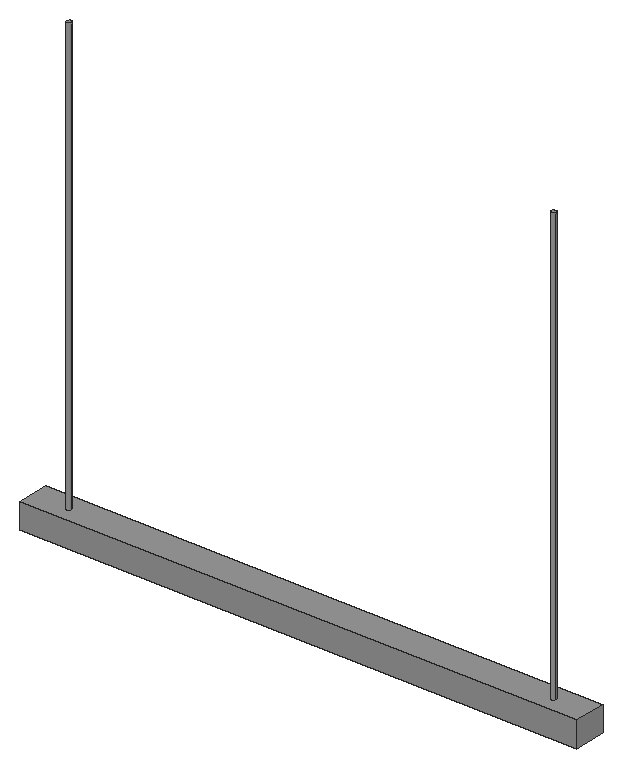
Revit family "IVLB_L4U_LF_Forsite 1150 PE", category Lighting Fixtures, Revit 2019
Family settings
  Round Connector Dimension = Use Diameter
  Part Type = Normal
  OmniClass Number = 23.80.70.11.14.11
  OmniClass Title = Downlights
  Work Plane-Based = No
  Always vertical = Yes
  Cut with Voids When Loaded = No
  Light Source = Yes
  Shared = No
  Room Calculation Point = Yes
Parameters (values of type "Forsite 1150 9750lm_840 68W 90deg")
  Wattage Comments = "68"
  Wattage = 3.36605 W
  built-in parameter 1150110 = 1 (stored number, unit not read)
  Voltage = 230 V
  URL = "www.light4u.com"
  Type Comments = "1150 PE"
  built-in parameter 1114217 = 1 (stored number, unit not read)
  Tilt Angle = 90.00°
  built-in parameter 1150109 = 1 (stored number, unit not read)
  built-in parameter 1150134 = 3
  Symbol_ToScale [instance] = not(Symbol_RealSize)  # no
  Symbol_RealSize [instance] = yes
  Switch Code [instance] = ""
  built-in parameter 1150113 = 1 (stored number, unit not read)
  Photometric Web File = "Forsite 1150 9750lm_840 68W 90deg.ies"
  Model = "Forsite"
  Manufacturer = "Light4U"
  built-in parameter 1150105 = 39.789 (stored number, unit not read)
  Luminous Flux (lm) = 9750 lm
  Lumens = 9750 lm
  built-in parameter 1150115 = 1 (stored number, unit not read)
  Luminaire Code [instance] = ""
  built-in parameter 1150137 = (empty or 0)
  built-in parameter 1150139 = (empty or 0)
  built-in parameter 1150112 = 1 (stored number, unit not read)
  built-in parameter 1150114 = 1 (stored number, unit not read)
  Lamp = "LED"
  LED Panel = yes
  Suspension Length [instance] = 900 mm
  L4 = 1000 mm
  L3 = 7 mm
  L2 = 66 mm
  L1 = 1150 mm
  built-in parameter 1150132 = 2
  built-in parameter 1150102 = (empty or 0)
  built-in parameter 1150107 = 3200 (stored number, unit not read)
  built-in parameter 1150138 = (empty or 0)
  built-in parameter 1150106 = 0.39789 (stored number, unit not read)
  IfcExportType = "USERDEFINED"
  IfcExportAs = "IfcLightFixtureType"
  ISBN Code = "-"
  IP Value = "IP20"
  IK Value = "-"
  Housing_Material = Select RGB Value for different appearance
  H1 = 52 mm
  GTIN Code = "-"
  Emit from Rectangle Width = L2 - (L3 * 2)  # 52 mm
  Emit from Rectangle Length = L1 - (L3 * 2)  # 1136 mm
  Emit Shape Visible in Rendering = no
  built-in parameter 1150104 = 13.8 (stored number, unit not read)
  ETIM Code = "-"
  Dimming Lamp Color Temperature Shift = <None>
  Description = ""
  Content Creator® = "www.ivlibrary.com"
  Color Filter = 16777215
  Calc_SuspensionLength [instance] = if(Suspension Length < Calc_MinSuspensionLength, Calc_MinSuspensionLength, if(Suspension Length > Calc_MaxSuspensionLength, Calc_MaxSuspensionLength, Suspension Length))  # 900 mm
  Calc_MinSuspensionLength [instance] = 100 mm
  Calc_MaxSuspensionLength [instance] = 10000 mm
  Calc_L2_Symbol = L2 / 100  # 0.66 mm
  Calc_L1_Symbol = L1 / 100  # 11.5 mm
  built-in parameter 1114218 = 1 (stored number, unit not read)
  built-in parameter 1150133 = 10 (stored number, unit not read)
  Assembly Code = "63.0"
  Apparent Load = 68 VA
Types (9, lengths in mm): name | Photometric Web File | Luminous Flux (lm) | Lumens
  Forsite 1150 9750lm_840 68W 90deg | "Forsite 1150 9750lm_840 68W 90deg.ies" | 9750 lm | 9750 lm
  Forsite 1150 9530lm_840 68W DA | "Forsite 1150 9530lm_840 68W DA.ies" | 9533 lm | 9533 lm
  Forsite 1150 9300lm_830 68W 90deg | "Forsite 1150 9300lm_830 68W 90deg.ies" | 9300 lm | 9300 lm
  Forsite 1150 9100lm_830 68W DA | "Forsite 1150 9100lm_830 68W DA.ies" | 9100 lm | 9100 lm
  Forsite 1150 8800lm_ 840 68W 60deg | "Forsite 1150 8800lm_ 840 68W 60deg.ies" | 8800 lm | 8800 lm
  Forsite 1150 8500lm_830 68W 30deg | "Forsite 1150 8500lm_830 68W 30deg.ies" | 8500 lm | 8500 lm
  Forsite 1150 8400lm_ 830 68W 60deg | "Forsite 1150 8400lm_ 830 68W 60deg.ies" | 8400 lm | 8400 lm
  Forsite 1150 8150lm_940 68W 90deg | "Forsite 1150 8150lm_940 68W 90deg.ies" | 8150 lm | 8150 lm
  Forsite 1150  8900lm_840 68W 30deg | "Forsite 1150  8900lm_840 68W 30deg.ies" | 8900 lm | 8900 lm
Reference planes
  plane 1 "Center (Front/Back)": y = 0
  plane 2: z = 0
  plane 3 "Center (Left/Right)": x = 0
  plane 4: x = -568
  plane 5: x = 568
  plane 6: y = 26
  plane 7: y = -26
  plane 8: x = -575
  plane 9: x = 575
  plane 10: y = -33
  plane 11: y = 33
  plane 12: z = -900
  plane 13: z = -952
Forms (mm)
  Extrusion 1, solid, material "Select RGB Value for different appearance" <- "Housing_Material"
    sketch origin (0, 0, 0) x (1, 0, 0) y (0, 1, 0)
      loop
        circle (-500, 0) r 5
      loop
        circle (500, 0) r 5
    from 0 to -900
Lines and regions (mm)
  symbolic lines, visible <- "Symbol_RealSize"
    curve 1: line (-575, -33, 0) -> (575, -33, 0)
    curve 2: line (-575, 33, 0) -> (-575, -33, 0)
    curve 3: line (575, 33, 0) -> (-575, 33, 0)
    curve 4: line (575, -33, 0) -> (575, 33, 0)
Dimensions and locks
  equal spacing: plane 11, plane 1 "Center (Front/Back)", plane 10
  equal spacing: plane 8, plane 3 "Center (Left/Right)", plane 9
  "L1": plane 8 to plane 9
  "L2": plane 11 to plane 10
  "L3": plane 8 to plane 4
  "L3": plane 5 to plane 9
  "L3": plane 6 to plane 11
  "L3": plane 7 to plane 10
  "H1": plane 12 to plane 13
  "Calc_SuspensionLength": level to plane 12
  equal spacing: Extrusion 1 sketch curve, plane 3 "Center (Left/Right)", Extrusion 1 sketch curve
  "L4": Extrusion 1 sketch curve to Extrusion 1 sketch curve
  aligned and locked: level to plane 2
  aligned and locked: plane 12 to Extrusion 1
  aligned and locked: level to Extrusion 1
  aligned and locked: nested 2 to plane 12
  aligned and locked: imposter light to plane 13
Automatic sketch dimensions
  curve 3 to plane 8 = 0 mm
  curve 1 to plane 9 = 0 mm
  curve 2 to plane 10 = 0 mm
  plane 11 to curve 2 = 0 mm
  plane 1 "Center (Front/Back)" to Extrusion 1 sketch curve = 0 mm  (x2)
  radius of Extrusion 1 sketch curve = 5 mm  (x2)
Nested families
  nested 1: "Parametric Light-Line Symbol" at (0, 0, 0), L1 <- "Calc_L1_Symbol", L2 <- "Calc_L2_Symbol", visible <- "Symbol_ToScale", type "Parametric LED Panel Symbol"
    with L2 0.66 mm, L1 11.5 mm
  nested 2: "SU Light-line Geometry" at (0, 0, -900), type "Type Catalog"
    with Symbol_ToScale no, Symbol_RealSize yes, Switch Code "", Luminaire Code ""
Connectors
  electrical at (0, 0, 0), driven by "Voltage", driven by "Apparent Load"
    settings: index 1, voltage 230 V, apparent load 0 VA, apparent load phase1 68 VA, apparent load phase2 0 VA, apparent load phase3 0 VA, power factor 1, load classification "Lighting", number of poles 1, system type 31, power factor state 1, is connector primary yes, connector utility no, sub classification motor no, connector description ""
Definition of nested family "SU Light-line Geometry"
  Parameters (values of type "Type Catalog")
    Wattage Comments = "19W"
    Voltage = 230 V
    URL = "https://www.ivlibrary.com/"
    Type Comments = "TYPENAME"
    Symbol_ToScale [instance] = not(Symbol_RealSize)  # no
    Symbol_RealSize [instance] = yes
    Switch Code [instance] = ""
    Model = "FAMILYNAME"
    Manufacturer = "MANUFACTURER"
    Luminous Flux (lm) = 500 lm
    Luminaire Code [instance] = ""
    Lamp = "LED"
    LED Panel = yes
    L3 = 7 mm
    L2 = 66 mm
    L1 = 1150 mm
    IfcExportType = "USERDEFINED"
    IfcExportAs = "IfcLightFixtureType"
    ISBN Code = "ISBNCODE"
    IP Value = "IPVALUE"
    IK Value = "IKVALUE"
    Housing_Material = none
    H1 = 52 mm
    GTIN Code = "GTINCODE"
    ETIM Code = "ETIMCODE"
    Description = ""
    Content Creator® = "www.ivlibrary.com"
    Calc_L2_Symbol = L2 / 100  # 0.66 mm
    Calc_L1_Symbol = L1 / 100  # 11.5 mm
    Assembly Code = "63.0"
    Apparent Load = 19 VA
  Reference planes
    plane 1 "Center (Front/Back)": y = 0
    plane 2: z = 0
    plane 3 "Center (Left/Right)": x = 0
    plane 4: x = -568
    plane 5: x = 568
    plane 6: y = 26
    plane 7: y = -26
    plane 8: x = -575
    plane 9: x = 575
    plane 10: y = -33
    plane 11: y = 33
  Forms (mm)
    Extrusion 1, solid, material <- "Housing_Material"
      sketch origin (0, 0, -77) x (1, 0, 0) y (0, 1, 0)
        loop
          line (-568, 26) -> (-568, -26) -> (568, -26) -> (568, 26) -> (-568, 26)
      from 25.897 to 77
    Extrusion 2, solid, material <- "Housing_Material"
      sketch origin (0, 0, -243) x (1, 0, 0) y (0, 1, 0)
        loop
          line (-568, 26) -> (-568, -26) -> (568, -26) -> (568, 26) -> (-568, 26)
        loop
          line (-575, -33) -> (575, -33) -> (575, 33) -> (-575, 33) -> (-575, -33)
      from 243 to 191
    Extrusion 3, solid
      sketch origin (0, 0, -79.5) x (1, 0, 0) y (0, 1, 0)
        loop
          line (-568, 26) -> (-568, -26) -> (568, -26) -> (568, 26) -> (-568, 26)
      from 28.397 to 27.5
    Extrusion 4, solid
      sketch origin (-142.638, 0.221, 0) x (1, 0, 0) y (0, 1, 0)
        loop
          circle (-417.065, 18.024) r 5
        loop
          circle (-417.065, 0) r 5
        loop
          circle (-417.065, -18.024) r 5
      from -54.33 to -55.112
    Extrusion 5, solid
      sketch origin (977.362, 0.221, 0) x (1, 0, 0) y (0, 1, 0)
        loop
          circle (-417.065, 18.024) r 5
        loop
          circle (-417.065, 0) r 5
        loop
          circle (-417.065, -18.024) r 5
      from -54.33 to -55.112
    Extrusion 6, solid
      sketch origin (-123.655, 0.221, 0) x (1, 0, 0) y (0, 1, 0)
        loop
          circle (-417.065, 18.024) r 5
        loop
          circle (-417.065, 0) r 5
        loop
          circle (-417.065, -18.024) r 5
      from -54.33 to -55.112
    Extrusion 7, solid
      sketch origin (-104.672, 0.221, 0) x (1, 0, 0) y (0, 1, 0)
        loop
          circle (-417.065, 18.024) r 5
        loop
          circle (-417.065, 0) r 5
        loop
          circle (-417.065, -18.024) r 5
      from -54.33 to -55.112
    Extrusion 8, solid
      sketch origin (-85.689, 0.221, 0) x (1, 0, 0) y (0, 1, 0)
        loop
          circle (-417.065, 18.024) r 5
        loop
          circle (-417.065, 0) r 5
        loop
          circle (-417.065, -18.024) r 5
      from -54.33 to -55.112
    Extrusion 9, solid
      sketch origin (-66.706, 0.221, 0) x (1, 0, 0) y (0, 1, 0)
        loop
          circle (-417.065, 18.024) r 5
        loop
          circle (-417.065, 0) r 5
        loop
          circle (-417.065, -18.024) r 5
      from -54.33 to -55.112
    Extrusion 10, solid
      sketch origin (-47.723, 0.221, 0) x (1, 0, 0) y (0, 1, 0)
        loop
          circle (-417.065, 18.024) r 5
        loop
          circle (-417.065, 0) r 5
        loop
          circle (-417.065, -18.024) r 5
      from -54.33 to -55.112
    Extrusion 11, solid
      sketch origin (-28.74, 0.221, 0) x (1, 0, 0) y (0, 1, 0)
        loop
          circle (-417.065, 18.024) r 5
        loop
          circle (-417.065, 0) r 5
        loop
          circle (-417.065, -18.024) r 5
      from -54.33 to -55.112
    Extrusion 12, solid
      sketch origin (-9.757, 0.221, 0) x (1, 0, 0) y (0, 1, 0)
        loop
          circle (-417.065, 18.024) r 5
        loop
          circle (-417.065, 0) r 5
        loop
          circle (-417.065, -18.024) r 5
      from -54.33 to -55.112
    Extrusion 13, solid
      sketch origin (9.226, 0.221, 0) x (1, 0, 0) y (0, 1, 0)
        loop
          circle (-417.065, 18.024) r 5
        loop
          circle (-417.065, 0) r 5
        loop
          circle (-417.065, -18.024) r 5
      from -54.33 to -55.112
    Extrusion 14, solid
      sketch origin (28.209, 0.221, 0) x (1, 0, 0) y (0, 1, 0)
        loop
          circle (-417.065, 18.024) r 5
        loop
          circle (-417.065, 0) r 5
        loop
          circle (-417.065, -18.024) r 5
      from -54.33 to -55.112
    Extrusion 15, solid
      sketch origin (47.192, 0.221, 0) x (1, 0, 0) y (0, 1, 0)
        loop
          circle (-417.065, 18.024) r 5
        loop
          circle (-417.065, 0) r 5
        loop
          circle (-417.065, -18.024) r 5
      from -54.33 to -55.112
    Extrusion 16, solid
      sketch origin (66.175, 0.221, 0) x (1, 0, 0) y (0, 1, 0)
        loop
          circle (-417.065, 18.024) r 5
        loop
          circle (-417.065, 0) r 5
        loop
          circle (-417.065, -18.024) r 5
      from -54.33 to -55.112
    Extrusion 17, solid
      sketch origin (85.158, 0.221, 0) x (1, 0, 0) y (0, 1, 0)
        loop
          circle (-417.065, 18.024) r 5
        loop
          circle (-417.065, 0) r 5
        loop
          circle (-417.065, -18.024) r 5
      from -54.33 to -55.112
    Extrusion 18, solid
      sketch origin (104.141, 0.221, 0) x (1, 0, 0) y (0, 1, 0)
        loop
          circle (-417.065, 18.024) r 5
        loop
          circle (-417.065, 0) r 5
        loop
          circle (-417.065, -18.024) r 5
      from -54.33 to -55.112
    Extrusion 19, solid
      sketch origin (123.124, 0.221, 0) x (1, 0, 0) y (0, 1, 0)
        loop
          circle (-417.065, 18.024) r 5
        loop
          circle (-417.065, 0) r 5
        loop
          circle (-417.065, -18.024) r 5
      from -54.33 to -55.112
    Extrusion 20, solid
      sketch origin (142.107, 0.221, 0) x (1, 0, 0) y (0, 1, 0)
        loop
          circle (-417.065, 18.024) r 5
        loop
          circle (-417.065, 0) r 5
        loop
          circle (-417.065, -18.024) r 5
      from -54.33 to -55.112
    Extrusion 21, solid
      sketch origin (161.09, 0.221, 0) x (1, 0, 0) y (0, 1, 0)
        loop
          circle (-417.065, 18.024) r 5
        loop
          circle (-417.065, 0) r 5
        loop
          circle (-417.065, -18.024) r 5
      from -54.33 to -55.112
    Extrusion 22, solid
      sketch origin (180.073, 0.221, 0) x (1, 0, 0) y (0, 1, 0)
        loop
          circle (-417.065, 18.024) r 5
        loop
          circle (-417.065, 0) r 5
        loop
          circle (-417.065, -18.024) r 5
      from -54.33 to -55.112
    Extrusion 23, solid
      sketch origin (199.057, 0.221, 0) x (1, 0, 0) y (0, 1, 0)
        loop
          circle (-417.065, 18.024) r 5
        loop
          circle (-417.065, 0) r 5
        loop
          circle (-417.065, -18.024) r 5
      from -54.33 to -55.112
    Extrusion 24, solid
      sketch origin (218.04, 0.221, 0) x (1, 0, 0) y (0, 1, 0)
        loop
          circle (-417.065, 18.024) r 5
        loop
          circle (-417.065, 0) r 5
        loop
          circle (-417.065, -18.024) r 5
      from -54.33 to -55.112
    Extrusion 25, solid
      sketch origin (237.023, 0.221, 0) x (1, 0, 0) y (0, 1, 0)
        loop
          circle (-417.065, 18.024) r 5
        loop
          circle (-417.065, 0) r 5
        loop
          circle (-417.065, -18.024) r 5
      from -54.33 to -55.112
    Extrusion 26, solid
      sketch origin (256.006, 0.221, 0) x (1, 0, 0) y (0, 1, 0)
        loop
          circle (-417.065, 18.024) r 5
        loop
          circle (-417.065, 0) r 5
        loop
          circle (-417.065, -18.024) r 5
      from -54.33 to -55.112
    Extrusion 27, solid
      sketch origin (274.989, 0.221, 0) x (1, 0, 0) y (0, 1, 0)
        loop
          circle (-417.065, 18.024) r 5
        loop
          circle (-417.065, 0) r 5
        loop
          circle (-417.065, -18.024) r 5
      from -54.33 to -55.112
    Extrusion 28, solid
      sketch origin (293.972, 0.221, 0) x (1, 0, 0) y (0, 1, 0)
        loop
          circle (-417.065, 18.024) r 5
        loop
          circle (-417.065, 0) r 5
        loop
          circle (-417.065, -18.024) r 5
      from -54.33 to -55.112
    Extrusion 29, solid
      sketch origin (312.955, 0.221, 0) x (1, 0, 0) y (0, 1, 0)
        loop
          circle (-417.065, 18.024) r 5
        loop
          circle (-417.065, 0) r 5
        loop
          circle (-417.065, -18.024) r 5
      from -54.33 to -55.112
    Extrusion 30, solid
      sketch origin (331.938, 0.221, 0) x (1, 0, 0) y (0, 1, 0)
        loop
          circle (-417.065, 18.024) r 5
        loop
          circle (-417.065, 0) r 5
        loop
          circle (-417.065, -18.024) r 5
      from -54.33 to -55.112
    Extrusion 31, solid
      sketch origin (350.921, 0.221, 0) x (1, 0, 0) y (0, 1, 0)
        loop
          circle (-417.065, 18.024) r 5
        loop
          circle (-417.065, 0) r 5
        loop
          circle (-417.065, -18.024) r 5
      from -54.33 to -55.112
    Extrusion 32, solid
      sketch origin (369.904, 0.221, 0) x (1, 0, 0) y (0, 1, 0)
        loop
          circle (-417.065, 18.024) r 5
        loop
          circle (-417.065, 0) r 5
        loop
          circle (-417.065, -18.024) r 5
      from -54.33 to -55.112
    Extrusion 33, solid
      sketch origin (388.887, 0.221, 0) x (1, 0, 0) y (0, 1, 0)
        loop
          circle (-417.065, 18.024) r 5
        loop
          circle (-417.065, 0) r 5
        loop
          circle (-417.065, -18.024) r 5
      from -54.33 to -55.112
    Extrusion 34, solid
      sketch origin (407.87, 0.221, 0) x (1, 0, 0) y (0, 1, 0)
        loop
          circle (-417.065, 18.024) r 5
        loop
          circle (-417.065, 0) r 5
        loop
          circle (-417.065, -18.024) r 5
      from -54.33 to -55.112
    Extrusion 35, solid
      sketch origin (426.853, 0.221, 0) x (1, 0, 0) y (0, 1, 0)
        loop
          circle (-417.065, 18.024) r 5
        loop
          circle (-417.065, 0) r 5
        loop
          circle (-417.065, -18.024) r 5
      from -54.33 to -55.112
    Extrusion 36, solid
      sketch origin (445.836, 0.221, 0) x (1, 0, 0) y (0, 1, 0)
        loop
          circle (-417.065, 18.024) r 5
        loop
          circle (-417.065, 0) r 5
        loop
          circle (-417.065, -18.024) r 5
      from -54.33 to -55.112
    Extrusion 37, solid
      sketch origin (464.819, 0.221, 0) x (1, 0, 0) y (0, 1, 0)
        loop
          circle (-417.065, 18.024) r 5
        loop
          circle (-417.065, 0) r 5
        loop
          circle (-417.065, -18.024) r 5
      from -54.33 to -55.112
    Extrusion 38, solid
      sketch origin (483.802, 0.221, 0) x (1, 0, 0) y (0, 1, 0)
        loop
          circle (-417.065, 18.024) r 5
        loop
          circle (-417.065, 0) r 5
        loop
          circle (-417.065, -18.024) r 5
      from -54.33 to -55.112
    Extrusion 39, solid
      sketch origin (502.785, 0.221, 0) x (1, 0, 0) y (0, 1, 0)
        loop
          circle (-417.065, 18.024) r 5
        loop
          circle (-417.065, 0) r 5
        loop
          circle (-417.065, -18.024) r 5
      from -54.33 to -55.112
    Extrusion 40, solid
      sketch origin (521.768, 0.221, 0) x (1, 0, 0) y (0, 1, 0)
        loop
          circle (-417.065, 18.024) r 5
        loop
          circle (-417.065, 0) r 5
        loop
          circle (-417.065, -18.024) r 5
      from -54.33 to -55.112
    Extrusion 41, solid
      sketch origin (540.751, 0.221, 0) x (1, 0, 0) y (0, 1, 0)
        loop
          circle (-417.065, 18.024) r 5
        loop
          circle (-417.065, 0) r 5
        loop
          circle (-417.065, -18.024) r 5
      from -54.33 to -55.112
    Extrusion 42, solid
      sketch origin (559.734, 0.221, 0) x (1, 0, 0) y (0, 1, 0)
        loop
          circle (-417.065, 18.024) r 5
        loop
          circle (-417.065, 0) r 5
        loop
          circle (-417.065, -18.024) r 5
      from -54.33 to -55.112
    Extrusion 43, solid
      sketch origin (578.718, 0.221, 0) x (1, 0, 0) y (0, 1, 0)
        loop
          circle (-417.065, 18.024) r 5
        loop
          circle (-417.065, 0) r 5
        loop
          circle (-417.065, -18.024) r 5
      from -54.33 to -55.112
    Extrusion 44, solid
      sketch origin (597.701, 0.221, 0) x (1, 0, 0) y (0, 1, 0)
        loop
          circle (-417.065, 18.024) r 5
        loop
          circle (-417.065, 0) r 5
        loop
          circle (-417.065, -18.024) r 5
      from -54.33 to -55.112
    Extrusion 45, solid
      sketch origin (616.684, 0.221, 0) x (1, 0, 0) y (0, 1, 0)
        loop
          circle (-417.065, 18.024) r 5
        loop
          circle (-417.065, 0) r 5
        loop
          circle (-417.065, -18.024) r 5
      from -54.33 to -55.112
    Extrusion 46, solid
      sketch origin (635.667, 0.221, 0) x (1, 0, 0) y (0, 1, 0)
        loop
          circle (-417.065, 18.024) r 5
        loop
          circle (-417.065, 0) r 5
        loop
          circle (-417.065, -18.024) r 5
      from -54.33 to -55.112
    Extrusion 47, solid
      sketch origin (654.65, 0.221, 0) x (1, 0, 0) y (0, 1, 0)
        loop
          circle (-417.065, 18.024) r 5
        loop
          circle (-417.065, 0) r 5
        loop
          circle (-417.065, -18.024) r 5
      from -54.33 to -55.112
    Extrusion 48, solid
      sketch origin (673.633, 0.221, 0) x (1, 0, 0) y (0, 1, 0)
        loop
          circle (-417.065, 18.024) r 5
        loop
          circle (-417.065, 0) r 5
        loop
          circle (-417.065, -18.024) r 5
      from -54.33 to -55.112
    Extrusion 49, solid
      sketch origin (692.616, 0.221, 0) x (1, 0, 0) y (0, 1, 0)
        loop
          circle (-417.065, 18.024) r 5
        loop
          circle (-417.065, 0) r 5
        loop
          circle (-417.065, -18.024) r 5
      from -54.33 to -55.112
    Extrusion 50, solid
      sketch origin (711.599, 0.221, 0) x (1, 0, 0) y (0, 1, 0)
        loop
          circle (-417.065, 18.024) r 5
        loop
          circle (-417.065, 0) r 5
        loop
          circle (-417.065, -18.024) r 5
      from -54.33 to -55.112
    Extrusion 51, solid
      sketch origin (730.582, 0.221, 0) x (1, 0, 0) y (0, 1, 0)
        loop
          circle (-417.065, 18.024) r 5
        loop
          circle (-417.065, 0) r 5
        loop
          circle (-417.065, -18.024) r 5
      from -54.33 to -55.112
    Extrusion 52, solid
      sketch origin (749.565, 0.221, 0) x (1, 0, 0) y (0, 1, 0)
        loop
          circle (-417.065, 18.024) r 5
        loop
          circle (-417.065, 0) r 5
        loop
          circle (-417.065, -18.024) r 5
      from -54.33 to -55.112
    Extrusion 53, solid
      sketch origin (768.548, 0.221, 0) x (1, 0, 0) y (0, 1, 0)
        loop
          circle (-417.065, 18.024) r 5
        loop
          circle (-417.065, 0) r 5
        loop
          circle (-417.065, -18.024) r 5
      from -54.33 to -55.112
    Extrusion 54, solid
      sketch origin (787.531, 0.221, 0) x (1, 0, 0) y (0, 1, 0)
        loop
          circle (-417.065, 18.024) r 5
        loop
          circle (-417.065, 0) r 5
        loop
          circle (-417.065, -18.024) r 5
      from -54.33 to -55.112
    Extrusion 55, solid
      sketch origin (806.514, 0.221, 0) x (1, 0, 0) y (0, 1, 0)
        loop
          circle (-417.065, 18.024) r 5
        loop
          circle (-417.065, 0) r 5
        loop
          circle (-417.065, -18.024) r 5
      from -54.33 to -55.112
    Extrusion 56, solid
      sketch origin (825.497, 0.221, 0) x (1, 0, 0) y (0, 1, 0)
        loop
          circle (-417.065, 18.024) r 5
        loop
          circle (-417.065, 0) r 5
        loop
          circle (-417.065, -18.024) r 5
      from -54.33 to -55.112
    Extrusion 57, solid
      sketch origin (844.48, 0.221, 0) x (1, 0, 0) y (0, 1, 0)
        loop
          circle (-417.065, 18.024) r 5
        loop
          circle (-417.065, 0) r 5
        loop
          circle (-417.065, -18.024) r 5
      from -54.33 to -55.112
    Extrusion 58, solid
      sketch origin (863.463, 0.221, 0) x (1, 0, 0) y (0, 1, 0)
        loop
          circle (-417.065, 18.024) r 5
        loop
          circle (-417.065, 0) r 5
        loop
          circle (-417.065, -18.024) r 5
      from -54.33 to -55.112
    Extrusion 59, solid
      sketch origin (882.446, 0.221, 0) x (1, 0, 0) y (0, 1, 0)
        loop
          circle (-417.065, 18.024) r 5
        loop
          circle (-417.065, 0) r 5
        loop
          circle (-417.065, -18.024) r 5
      from -54.33 to -55.112
    Extrusion 60, solid
      sketch origin (901.429, 0.221, 0) x (1, 0, 0) y (0, 1, 0)
        loop
          circle (-417.065, 18.024) r 5
        loop
          circle (-417.065, 0) r 5
        loop
          circle (-417.065, -18.024) r 5
      from -54.33 to -55.112
    Extrusion 61, solid
      sketch origin (920.412, 0.221, 0) x (1, 0, 0) y (0, 1, 0)
        loop
          circle (-417.065, 18.024) r 5
        loop
          circle (-417.065, 0) r 5
        loop
          circle (-417.065, -18.024) r 5
      from -54.33 to -55.112
    Extrusion 62, solid
      sketch origin (939.396, 0.221, 0) x (1, 0, 0) y (0, 1, 0)
        loop
          circle (-417.065, 18.024) r 5
        loop
          circle (-417.065, 0) r 5
        loop
          circle (-417.065, -18.024) r 5
      from -54.33 to -55.112
    Extrusion 63, solid
      sketch origin (958.379, 0.221, 0) x (1, 0, 0) y (0, 1, 0)
        loop
          circle (-417.065, 18.024) r 5
        loop
          circle (-417.065, 0) r 5
        loop
          circle (-417.065, -18.024) r 5
      from -54.33 to -55.112
  Cuts and joins
    joined: Extrusion 1, Extrusion 2
  Lines and regions (mm)
    symbolic lines, visible <- "Symbol_RealSize"
      curve 1: line (-575, -33, 0) -> (575, -33, 0)
      curve 2: line (-575, 33, 0) -> (-575, -33, 0)
      curve 3: line (575, 33, 0) -> (-575, 33, 0)
      curve 4: line (575, -33, 0) -> (575, 33, 0)
  Dimensions and locks
    equal spacing: plane 11, plane 1 "Center (Front/Back)", plane 10
    equal spacing: plane 8, plane 3 "Center (Left/Right)", plane 9
    "L1": plane 8 to plane 9
    "L2": plane 11 to plane 10
    "L3": plane 8 to plane 4
    "L3": plane 5 to plane 9
    "L3": plane 6 to plane 11
    "L3": plane 7 to plane 10
    "H1": level to Extrusion 2
    Extrusion 1 to Extrusion 2 = 0.897 mm
    locked: Extrusion 3 to Extrusion 2 at 0.897
    equal spacing: group 1, group 3, group 4, group 5, group 6, group 7, group 8, group 9, group 10, group 11, group 12, group 13, group 14, group 15, group 16, group 17, group 18, group 19, group 20, group 21, group 22, group 23, group 24, group 25, group 26, group 27, group 28, group 29, group 30, group 31, group 32, group 33, group 34, group 35, group 36, group 37, group 38, group 39, group 40, group 41, group 42, group 43, group 44, group 45, group 46, group 47, group 48, group 49, group 50, group 51, group 52, group 53, group 54, group 55, group 56, group 57, group 58, group 59, group 60, group 2  (x3)
    aligned and locked: level to plane 2
    aligned and locked: level to Extrusion 2
    aligned and locked: Extrusion 2 to Extrusion 3
    aligned and locked: Extrusion 1 to Extrusion 3
  Automatic sketch dimensions
    curve 3 to plane 8 = 0 mm
    curve 3 to plane 9 = 0 mm
    curve 1 to plane 10 = 0 mm
    plane 11 to curve 3 = 0 mm
    Extrusion 1 sketch curve to plane 4 = 0 mm
    Extrusion 1 sketch curve to plane 5 = 0 mm
    Extrusion 1 sketch curve to plane 7 = 0 mm
    Extrusion 1 sketch curve to plane 6 = 0 mm
    Extrusion 2 sketch curve to plane 8 = 0 mm
    Extrusion 2 sketch curve to plane 4 = 0 mm
    Extrusion 2 sketch curve to plane 5 = 0 mm
    Extrusion 2 sketch curve to plane 9 = 0 mm
    Extrusion 2 sketch curve to plane 10 = 0 mm
    Extrusion 2 sketch curve to plane 7 = 0 mm
    Extrusion 2 sketch curve to plane 6 = 0 mm
    plane 11 to Extrusion 2 sketch curve = 0 mm
    Extrusion 3 sketch curve to plane 4 = 0 mm
    Extrusion 3 sketch curve to plane 5 = 0 mm
    Extrusion 3 sketch curve to plane 7 = 0 mm
    Extrusion 3 sketch curve to plane 6 = 0 mm
    Extrusion 4 sketch curve to Extrusion 4 sketch curve = 0 mm  (x2)
    Extrusion 4 sketch curve to Extrusion 4 sketch curve = 18.024 mm  (x2)
    Extrusion 5 sketch curve to Extrusion 5 sketch curve = 0 mm  (x2)
    Extrusion 5 sketch curve to Extrusion 5 sketch curve = 18.024 mm  (x2)
    Extrusion 6 sketch curve to Extrusion 6 sketch curve = 0 mm  (x2)
    Extrusion 6 sketch curve to Extrusion 6 sketch curve = 18.024 mm  (x2)
    Extrusion 7 sketch curve to Extrusion 7 sketch curve = 0 mm  (x2)
    Extrusion 7 sketch curve to Extrusion 7 sketch curve = 18.024 mm  (x2)
    Extrusion 8 sketch curve to Extrusion 8 sketch curve = 0 mm  (x2)
    Extrusion 8 sketch curve to Extrusion 8 sketch curve = 18.024 mm  (x2)
    Extrusion 9 sketch curve to Extrusion 9 sketch curve = 0 mm  (x2)
    Extrusion 9 sketch curve to Extrusion 9 sketch curve = 18.024 mm  (x2)
    Extrusion 10 sketch curve to Extrusion 10 sketch curve = 0 mm  (x2)
    Extrusion 10 sketch curve to Extrusion 10 sketch curve = 18.024 mm  (x2)
    Extrusion 11 sketch curve to Extrusion 11 sketch curve = 0 mm  (x2)
    Extrusion 11 sketch curve to Extrusion 11 sketch curve = 18.024 mm  (x2)
    Extrusion 12 sketch curve to Extrusion 12 sketch curve = 0 mm  (x2)
    Extrusion 12 sketch curve to Extrusion 12 sketch curve = 18.024 mm  (x2)
    Extrusion 13 sketch curve to Extrusion 13 sketch curve = 0 mm  (x2)
    Extrusion 13 sketch curve to Extrusion 13 sketch curve = 18.024 mm  (x2)
    Extrusion 14 sketch curve to Extrusion 14 sketch curve = 0 mm  (x2)
    Extrusion 14 sketch curve to Extrusion 14 sketch curve = 18.024 mm  (x2)
    Extrusion 15 sketch curve to Extrusion 15 sketch curve = 0 mm  (x2)
    Extrusion 15 sketch curve to Extrusion 15 sketch curve = 18.024 mm  (x2)
    Extrusion 16 sketch curve to Extrusion 16 sketch curve = 0 mm  (x2)
    Extrusion 16 sketch curve to Extrusion 16 sketch curve = 18.024 mm  (x2)
    Extrusion 17 sketch curve to Extrusion 17 sketch curve = 0 mm  (x2)
    Extrusion 17 sketch curve to Extrusion 17 sketch curve = 18.024 mm  (x2)
    Extrusion 18 sketch curve to Extrusion 18 sketch curve = 0 mm  (x2)
    Extrusion 18 sketch curve to Extrusion 18 sketch curve = 18.024 mm  (x2)
    Extrusion 19 sketch curve to Extrusion 19 sketch curve = 0 mm  (x2)
    Extrusion 19 sketch curve to Extrusion 19 sketch curve = 18.024 mm  (x2)
    Extrusion 20 sketch curve to Extrusion 20 sketch curve = 0 mm  (x2)
    Extrusion 20 sketch curve to Extrusion 20 sketch curve = 18.024 mm  (x2)
    Extrusion 21 sketch curve to Extrusion 21 sketch curve = 0 mm  (x2)
    Extrusion 21 sketch curve to Extrusion 21 sketch curve = 18.024 mm  (x2)
    Extrusion 22 sketch curve to Extrusion 22 sketch curve = 0 mm  (x2)
    Extrusion 22 sketch curve to Extrusion 22 sketch curve = 18.024 mm  (x2)
    Extrusion 23 sketch curve to Extrusion 23 sketch curve = 0 mm  (x2)
    Extrusion 23 sketch curve to Extrusion 23 sketch curve = 18.024 mm  (x2)
    Extrusion 24 sketch curve to Extrusion 24 sketch curve = 0 mm  (x2)
    Extrusion 24 sketch curve to Extrusion 24 sketch curve = 18.024 mm  (x2)
    Extrusion 25 sketch curve to Extrusion 25 sketch curve = 0 mm  (x2)
    Extrusion 25 sketch curve to Extrusion 25 sketch curve = 18.024 mm  (x2)
    Extrusion 26 sketch curve to Extrusion 26 sketch curve = 0 mm  (x2)
    Extrusion 26 sketch curve to Extrusion 26 sketch curve = 18.024 mm  (x2)
    Extrusion 27 sketch curve to Extrusion 27 sketch curve = 0 mm  (x2)
    Extrusion 27 sketch curve to Extrusion 27 sketch curve = 18.024 mm  (x2)
    Extrusion 28 sketch curve to Extrusion 28 sketch curve = 0 mm  (x2)
    Extrusion 28 sketch curve to Extrusion 28 sketch curve = 18.024 mm  (x2)
    Extrusion 29 sketch curve to Extrusion 29 sketch curve = 0 mm  (x2)
    Extrusion 29 sketch curve to Extrusion 29 sketch curve = 18.024 mm  (x2)
    Extrusion 30 sketch curve to Extrusion 30 sketch curve = 0 mm  (x2)
    Extrusion 30 sketch curve to Extrusion 30 sketch curve = 18.024 mm  (x2)
    Extrusion 31 sketch curve to Extrusion 31 sketch curve = 0 mm  (x2)
    Extrusion 31 sketch curve to Extrusion 31 sketch curve = 18.024 mm  (x2)
    Extrusion 32 sketch curve to Extrusion 32 sketch curve = 0 mm  (x2)
    Extrusion 32 sketch curve to Extrusion 32 sketch curve = 18.024 mm  (x2)
    Extrusion 33 sketch curve to Extrusion 33 sketch curve = 0 mm  (x2)
    Extrusion 33 sketch curve to Extrusion 33 sketch curve = 18.024 mm  (x2)
    Extrusion 34 sketch curve to Extrusion 34 sketch curve = 0 mm  (x2)
    Extrusion 34 sketch curve to Extrusion 34 sketch curve = 18.024 mm  (x2)
    Extrusion 35 sketch curve to Extrusion 35 sketch curve = 0 mm  (x2)
    Extrusion 35 sketch curve to Extrusion 35 sketch curve = 18.024 mm  (x2)
    Extrusion 36 sketch curve to Extrusion 36 sketch curve = 0 mm  (x2)
    Extrusion 36 sketch curve to Extrusion 36 sketch curve = 18.024 mm  (x2)
    Extrusion 37 sketch curve to Extrusion 37 sketch curve = 0 mm  (x2)
    Extrusion 37 sketch curve to Extrusion 37 sketch curve = 18.024 mm  (x2)
    Extrusion 38 sketch curve to Extrusion 38 sketch curve = 0 mm  (x2)
    Extrusion 38 sketch curve to Extrusion 38 sketch curve = 18.024 mm  (x2)
    Extrusion 39 sketch curve to Extrusion 39 sketch curve = 0 mm  (x2)
    Extrusion 39 sketch curve to Extrusion 39 sketch curve = 18.024 mm  (x2)
    Extrusion 40 sketch curve to Extrusion 40 sketch curve = 0 mm  (x2)
    Extrusion 40 sketch curve to Extrusion 40 sketch curve = 18.024 mm  (x2)
    Extrusion 41 sketch curve to Extrusion 41 sketch curve = 0 mm  (x2)
    Extrusion 41 sketch curve to Extrusion 41 sketch curve = 18.024 mm  (x2)
    Extrusion 42 sketch curve to Extrusion 42 sketch curve = 0 mm  (x2)
    Extrusion 42 sketch curve to Extrusion 42 sketch curve = 18.024 mm  (x2)
    Extrusion 43 sketch curve to Extrusion 43 sketch curve = 0 mm  (x2)
    Extrusion 43 sketch curve to Extrusion 43 sketch curve = 18.024 mm  (x2)
    Extrusion 44 sketch curve to Extrusion 44 sketch curve = 0 mm  (x2)
    Extrusion 44 sketch curve to Extrusion 44 sketch curve = 18.024 mm  (x2)
    Extrusion 45 sketch curve to Extrusion 45 sketch curve = 0 mm  (x2)
    Extrusion 45 sketch curve to Extrusion 45 sketch curve = 18.024 mm  (x2)
    Extrusion 46 sketch curve to Extrusion 46 sketch curve = 0 mm  (x2)
    Extrusion 46 sketch curve to Extrusion 46 sketch curve = 18.024 mm  (x2)
    Extrusion 47 sketch curve to Extrusion 47 sketch curve = 0 mm  (x2)
    Extrusion 47 sketch curve to Extrusion 47 sketch curve = 18.024 mm  (x2)
    Extrusion 48 sketch curve to Extrusion 48 sketch curve = 0 mm  (x2)
    Extrusion 48 sketch curve to Extrusion 48 sketch curve = 18.024 mm  (x2)
    Extrusion 49 sketch curve to Extrusion 49 sketch curve = 0 mm  (x2)
    Extrusion 49 sketch curve to Extrusion 49 sketch curve = 18.024 mm  (x2)
    Extrusion 50 sketch curve to Extrusion 50 sketch curve = 0 mm  (x2)
    Extrusion 50 sketch curve to Extrusion 50 sketch curve = 18.024 mm  (x2)
    Extrusion 51 sketch curve to Extrusion 51 sketch curve = 0 mm  (x2)
    Extrusion 51 sketch curve to Extrusion 51 sketch curve = 18.024 mm  (x2)
    Extrusion 52 sketch curve to Extrusion 52 sketch curve = 0 mm  (x2)
    Extrusion 52 sketch curve to Extrusion 52 sketch curve = 18.024 mm  (x2)
    Extrusion 53 sketch curve to Extrusion 53 sketch curve = 0 mm  (x2)
    Extrusion 53 sketch curve to Extrusion 53 sketch curve = 18.024 mm  (x2)
    Extrusion 54 sketch curve to Extrusion 54 sketch curve = 0 mm  (x2)
    Extrusion 54 sketch curve to Extrusion 54 sketch curve = 18.024 mm  (x2)
    Extrusion 55 sketch curve to Extrusion 55 sketch curve = 0 mm  (x2)
    Extrusion 55 sketch curve to Extrusion 55 sketch curve = 18.024 mm  (x2)
    Extrusion 56 sketch curve to Extrusion 56 sketch curve = 0 mm  (x2)
    Extrusion 56 sketch curve to Extrusion 56 sketch curve = 18.024 mm  (x2)
    Extrusion 57 sketch curve to Extrusion 57 sketch curve = 0 mm  (x2)
    Extrusion 57 sketch curve to Extrusion 57 sketch curve = 18.024 mm  (x2)
    Extrusion 58 sketch curve to Extrusion 58 sketch curve = 0 mm  (x2)
    Extrusion 58 sketch curve to Extrusion 58 sketch curve = 18.024 mm  (x2)
    Extrusion 59 sketch curve to Extrusion 59 sketch curve = 0 mm  (x2)
    Extrusion 59 sketch curve to Extrusion 59 sketch curve = 18.024 mm  (x2)
    Extrusion 60 sketch curve to Extrusion 60 sketch curve = 0 mm  (x2)
    Extrusion 60 sketch curve to Extrusion 60 sketch curve = 18.024 mm  (x2)
    Extrusion 61 sketch curve to Extrusion 61 sketch curve = 0 mm  (x2)
    Extrusion 61 sketch curve to Extrusion 61 sketch curve = 18.024 mm  (x2)
    Extrusion 62 sketch curve to Extrusion 62 sketch curve = 0 mm  (x2)
    Extrusion 62 sketch curve to Extrusion 62 sketch curve = 18.024 mm  (x2)
    Extrusion 63 sketch curve to Extrusion 63 sketch curve = 0 mm  (x2)
    Extrusion 63 sketch curve to Extrusion 63 sketch curve = 18.024 mm  (x2)
    radius of Extrusion 4 sketch curve = 5 mm  (x3)
    radius of Extrusion 5 sketch curve = 5 mm  (x3)
    radius of Extrusion 6 sketch curve = 5 mm  (x3)
    radius of Extrusion 7 sketch curve = 5 mm  (x3)
    radius of Extrusion 8 sketch curve = 5 mm  (x3)
    radius of Extrusion 9 sketch curve = 5 mm  (x3)
    radius of Extrusion 10 sketch curve = 5 mm  (x3)
    radius of Extrusion 11 sketch curve = 5 mm  (x3)
    radius of Extrusion 12 sketch curve = 5 mm  (x3)
    radius of Extrusion 13 sketch curve = 5 mm  (x3)
    radius of Extrusion 14 sketch curve = 5 mm  (x3)
    radius of Extrusion 15 sketch curve = 5 mm  (x3)
    radius of Extrusion 16 sketch curve = 5 mm  (x3)
    radius of Extrusion 17 sketch curve = 5 mm  (x3)
    radius of Extrusion 18 sketch curve = 5 mm  (x3)
    radius of Extrusion 19 sketch curve = 5 mm  (x3)
    radius of Extrusion 20 sketch curve = 5 mm  (x3)
    radius of Extrusion 21 sketch curve = 5 mm  (x3)
    radius of Extrusion 22 sketch curve = 5 mm  (x3)
    radius of Extrusion 23 sketch curve = 5 mm  (x3)
    radius of Extrusion 24 sketch curve = 5 mm  (x3)
    radius of Extrusion 25 sketch curve = 5 mm  (x3)
    radius of Extrusion 26 sketch curve = 5 mm  (x3)
    radius of Extrusion 27 sketch curve = 5 mm  (x3)
    radius of Extrusion 28 sketch curve = 5 mm  (x3)
    radius of Extrusion 29 sketch curve = 5 mm  (x3)
    radius of Extrusion 30 sketch curve = 5 mm  (x3)
    radius of Extrusion 31 sketch curve = 5 mm  (x3)
    radius of Extrusion 32 sketch curve = 5 mm  (x3)
    radius of Extrusion 33 sketch curve = 5 mm  (x3)
    radius of Extrusion 34 sketch curve = 5 mm  (x3)
    radius of Extrusion 35 sketch curve = 5 mm  (x3)
    radius of Extrusion 36 sketch curve = 5 mm  (x3)
    radius of Extrusion 37 sketch curve = 5 mm  (x3)
    radius of Extrusion 38 sketch curve = 5 mm  (x3)
    radius of Extrusion 39 sketch curve = 5 mm  (x3)
    radius of Extrusion 40 sketch curve = 5 mm  (x3)
    radius of Extrusion 41 sketch curve = 5 mm  (x3)
    radius of Extrusion 42 sketch curve = 5 mm  (x3)
    radius of Extrusion 43 sketch curve = 5 mm  (x3)
    radius of Extrusion 44 sketch curve = 5 mm  (x3)
    radius of Extrusion 45 sketch curve = 5 mm  (x3)
    radius of Extrusion 46 sketch curve = 5 mm  (x3)
    radius of Extrusion 47 sketch curve = 5 mm  (x3)
    radius of Extrusion 48 sketch curve = 5 mm  (x3)
    radius of Extrusion 49 sketch curve = 5 mm  (x3)
    radius of Extrusion 50 sketch curve = 5 mm  (x3)
    radius of Extrusion 51 sketch curve = 5 mm  (x3)
    radius of Extrusion 52 sketch curve = 5 mm  (x3)
    radius of Extrusion 53 sketch curve = 5 mm  (x3)
    radius of Extrusion 54 sketch curve = 5 mm  (x3)
    radius of Extrusion 55 sketch curve = 5 mm  (x3)
    radius of Extrusion 56 sketch curve = 5 mm  (x3)
    radius of Extrusion 57 sketch curve = 5 mm  (x3)
    radius of Extrusion 58 sketch curve = 5 mm  (x3)
    radius of Extrusion 59 sketch curve = 5 mm  (x3)
    radius of Extrusion 60 sketch curve = 5 mm  (x3)
    radius of Extrusion 61 sketch curve = 5 mm  (x3)
    radius of Extrusion 62 sketch curve = 5 mm  (x3)
    radius of Extrusion 63 sketch curve = 5 mm  (x3)
  Nested families
    nested 1: "Parametric Light-Line Symbol" at (0, 0, 0), L1 <- "Calc_L1_Symbol", L2 <- "Calc_L2_Symbol", visible <- "Symbol_ToScale", type "Parametric LED Panel Symbol"
      with L2 0.66 mm, L1 11.5 mm
  Connectors
    electrical at (0, 0, 0), driven by "Voltage", driven by "Apparent Load"
      settings: index 2, voltage 230 V, apparent load 0 VA, apparent load phase1 19 VA, apparent load phase2 0 VA, apparent load phase3 0 VA, power factor 1, load classification none, number of poles 1, system type 31, power factor state 1, is connector primary yes, connector utility no, sub classification motor no, connector description ""
  Definition of nested family "Parametric Light-Line Symbol"
    Parameters (values of type "Parametric LED Panel Symbol")
      L2 [instance] = 4.484 mm
      L1 [instance] = 6.437 mm
    Reference planes
      plane 1: y = 0
      plane 2: x = 0
    Lines and regions (mm)
      detail lines
        curve 1: line (-3.219, 2.242, 0) -> (3.219, 2.242, 0)
        curve 2: line (-3.219, -2.242, 0) -> (-3.219, 2.242, 0)
        curve 3: line (3.219, -2.242, 0) -> (-3.219, -2.242, 0)
        curve 4: line (3.219, 2.242, 0) -> (3.219, -2.242, 0)
    Dimensions and locks
      equal spacing: curve 2, plane 2, curve 4
      equal spacing: curve 3, plane 1, curve 1
      "L1": curve 2 to curve 4
      "L2": curve 3 to curve 1
Definition of nested family "Parametric Light-Line Symbol"
  Parameters (values of type "Parametric LED Panel Symbol")
    L2 [instance] = 4.484 mm
    L1 [instance] = 6.437 mm
  Reference planes
    plane 1: y = 0
    plane 2: x = 0
  Lines and regions (mm)
    detail lines
      curve 1: line (-3.219, 2.242, 0) -> (3.219, 2.242, 0)
      curve 2: line (-3.219, -2.242, 0) -> (-3.219, 2.242, 0)
      curve 3: line (3.219, -2.242, 0) -> (-3.219, -2.242, 0)
      curve 4: line (3.219, 2.242, 0) -> (3.219, -2.242, 0)
  Dimensions and locks
    equal spacing: curve 2, plane 2, curve 4
    equal spacing: curve 3, plane 1, curve 1
    "L1": curve 2 to curve 4
    "L2": curve 3 to curve 1
